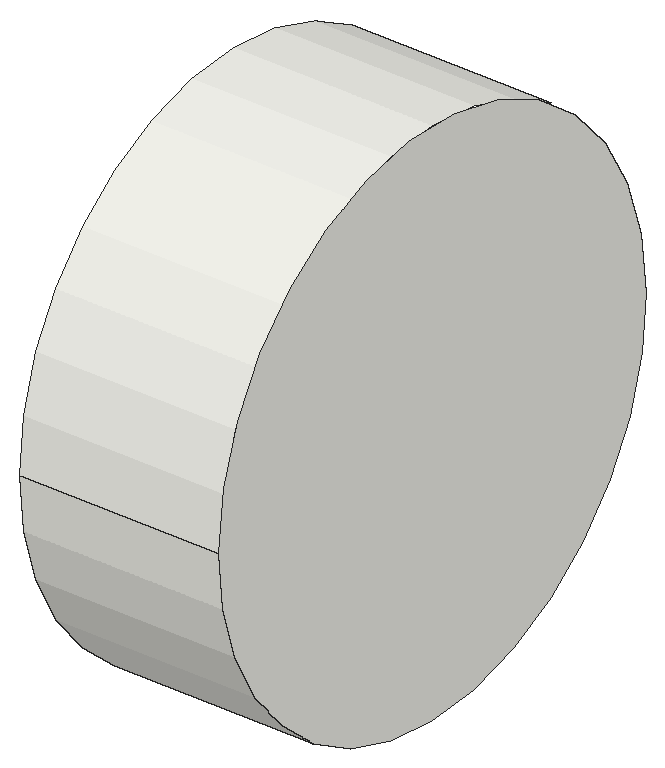
Revit family "Bucha", category Pipe Fittings, Revit 2025
Family settings
  Round Connector Dimension = Use Radius
  Part Type = Cap
  OmniClass Number = 23.60.30.11.14
  OmniClass Title = Pipework Fittings
  Work Plane-Based = No
  Always vertical = Yes
  Cut with Voids When Loaded = No
  Shared = No
Parameters
  Spigot Length [instance] = size_lookup(Lookup Table Name, "SLgt", 0.4 * Nominal Diameter + 43/64", Nominal Diameter)  # 3/4"
  Nominal Radius [instance] = 1/4"
  Nominal Diameter [instance] = Nominal Radius * 2  # 1/2"
  Loss Method = Not Defined
  Lookup Table Name = "Plug - PVC - Sch 40"
  Height [instance] = size_lookup(Lookup Table Name, "Hgt", 0.51 * Nominal Diameter + 207/256", Nominal Diameter)  # 0.938"
  Head Width [instance] = 0.5 * Fitting Outside Diameter  # 0.42"
  Head Height [instance] = Height - Spigot Length  # 0.188"
  Fitting Outside Radius [instance] = Fitting Outside Diameter / 2  # 0.42"
  Fitting Outside Diameter [instance] = size_lookup(Lookup Table Name, "FOD", 1.05 * Nominal Diameter + 19/64", Nominal Diameter)  # 0.84"
  Default Elevation = 0.000 m
Reference planes (m)
  plane 1 "Center (Front/Back)": y = 0
  plane 2: z = 0
  plane 3 "Center (Left/Right)": x = 0
  plane 4: x = 0.004775
  plane 5: y = 0.005334
  plane 6: y = -0.005334
  plane 7: z = 0.005334
  plane 8: z = -0.005334
Forms (m)
  Extrusion 1, solid, material "PVC"
    sketch origin (0.004775, 0.005334, 0) x (0, -1, 0) y (0, 0, -1)
      loop
        circle (0.005334, 0) r 0.0064
    from -0.004775 to 0
Lines and regions (m)
  model lines, detail levels coarse+medium
    curve 1: line (0, 0.005334, 0) -> (0.004775, 0.005334, 0)
    curve 2: line (0.004775, 0.005334, 0) -> (0.004775, -0.005334, 0)
    curve 3: line (0, -0.005334, 0) -> (0.004775, -0.005334, 0)
Dimensions and locks (m)
  "Head Height": plane 3 "Center (Left/Right)" to plane 4
  equal spacing: plane 5, plane 1 "Center (Front/Back)", plane 6
  "Head Width": plane 5 to plane 6
  equal spacing: plane 7, plane 2, plane 8
  "Head Width": plane 7 to plane 8
  aligned and locked: plane 3 "Center (Left/Right)" to curve 1
  aligned and locked: curve 1 to plane 5
  aligned and locked: curve 2 to plane 4
  aligned and locked: plane 5 to curve 2
  aligned and locked: plane 6 to curve 2
  aligned and locked: plane 3 "Center (Left/Right)" to curve 3
  aligned and locked: plane 4 to curve 3
  aligned and locked: curve 3 to plane 6
Automatic sketch dimensions
  Extrusion 1 sketch curve to level = 0.000 m
  Extrusion 1 sketch curve to plane 1 "Center (Front/Back)" = 0.000 m
  radius of Extrusion 1 sketch curve = 0.0064 m
Connectors (m)
  piping at (0, 0, 0), diameter 0.0128
    settings: on Extrusion 1, index 2, connector inside diameter 24", connector length 0.000 m, flow factor 0, pipe flow 0 GPM, pressure drop 0.00 psi, fitting loss kfactor 0, connector angle 0.00°, fixture units 0, engagement length 0.000 m, angle of deflection 0.00°, flow configuration 0, flow direction 2, fitting loss method 0, system type 28, joint type 0, gender type 0, connector reference index -1, connector utility 0, adjustable connector no, is connector primary yes, connector description ""
